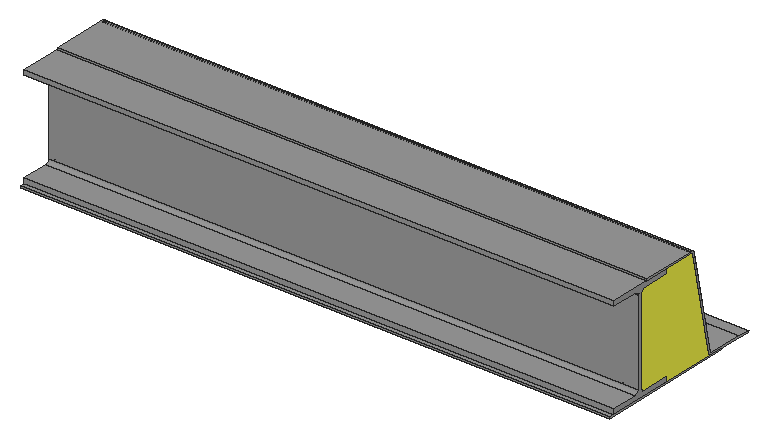
Revit family "XK 50 215 WIL", category Generic Models, Revit 2014
Parameters (values of type "Max lintel length 6600mm")
  URL = "http://www.keystonelintels.co.uk"
  Structural Opening [instance] = 900 mm
  Structural Performance = "The Keystone lintel range has safe working loads as detailed in each applicable loading table in the Keystone Lintel Guide brochure. The structural performance figures within each table have been ascertained by testing in accordance with the requirements of standards BS EN 5977-2: 1983 and BS EN 845-2: 2003."
  RIBA Productor Selector = "available for Keystone Lintels Ltd from Keystone Lintels Ltd from ribaproductselector.com"
  Model = "X/K 50 215 WIL"
  Min Length = 600 mm
  Min Clear Span = 300 mm
  Max Length = 6600 mm
  Max Clear Span = 6600 mm
  Material - Stainless Steel = "Grade 304 2b 1.4307 to BS EN 10088-2. Other grades available on request: contact manufacturer."
  Material - Galvanised Steel = "To BS EN 10346: 2009. DX51D plus Z600 or grade Z275 to BS 5977-2: 1983 (BS EN 845-2: 2003)."
  Manufacturer = "Keystone"
  Manufactured Length [instance] = (roundup(Effective Length / 150 mm) * 150 mm)  # 1200 mm
  Lintel height [instance] = 2100 mm
  Keynote = "F30/755"
  Fire Performance = "Keystone lintels have been subjected to a fire test (WARRES No. 101263) in accordance with BS 476-20: 1987, at Exova Warrington Fire and achieved a one hour fire performance."
  End Bearing = 150 mm
  Effective Length [instance] = Clear Opening with MIN MAX set + End Bearing * 2  # 1200 mm
  Corrosion = "Keystone’s standard range of lintels are manufactured from high quality grade pre-galvanized carbon steel with a zinc coating of 600"
  Contact Tel = "+44 (0)28 8676 2184"
  Contact Email = "info@keystonelintels.co.uk"
  Clear Opening with MIN MAX set [instance] = if(Structural Opening < Min Clear Span, Min Clear Span, (if(Structural Opening > Max Clear Span, Max Clear Span, Structural Opening)))  # 900 mm
  CPD Information = "Available for Keystone Lintels Ltd from ribacpd.com"
Reference planes
  plane 1 "Center (Front/Back)": y = 0
  plane 2: z = 0
  plane 3 "Center (Left/Right)": x = 0
  plane 4: x = -600
  plane 5: x = 600
  plane 6: z = 2100
  plane 7: x = -450
  plane 8: x = 450
Forms (mm)
  Extrusion 1, solid, material "Steel"
    sketch origin (0, 749.536, -506.841) x (0, 1, 0) y (0, 0, 1)
      loop
        line (-540.591, 2605.979) -> (-540.536, 2609.179) -> (-565.521, 2610.041) -> (-635.572, 2610.041)
        arc (-635.572, 2610.041) -> (-636.713, 2610.449) -> (-637.337, 2611.487) r 1.8
        line (-637.337, 2611.487) -> (-679.212, 2812.668)
        arc (-679.212, 2812.668) -> (-681.016, 2815.665) -> (-684.31, 2816.841) r 5.2
        line (-684.31, 2816.841) -> (-798.81, 2816.841) -> (-798.81, 2813.641) -> (-684.31, 2813.641)
        arc (-684.31, 2813.641) -> (-683.04, 2813.186) -> (-682.348, 2812.028) r 2
        line (-682.348, 2812.028) -> (-640.472, 2610.843)
        arc (-640.472, 2610.843) -> (-638.735, 2607.969) -> (-635.572, 2606.841) r 5
        line (-635.572, 2606.841) -> (-565.576, 2606.841) -> (-540.591, 2605.979)
    from -600 to 600
  Extrusion 2, solid, material "Steel"
    sketch origin (0, 749.536, -506.841) x (0, 1, 0) y (0, 0, 1)
      loop
        line (-609.467, 2603.641) -> (-609.467, 2606.841) -> (-893.436, 2606.841) -> (-893.436, 2603.641) -> (-609.467, 2603.641)
    from -600 to 600
  Extrusion 3, solid, material "Steel"
    sketch origin (0, 749.536, -506.841) x (0, 1, 0) y (0, 0, 1)
      loop
        line (-883.436, 2606.841) -> (-749.536, 2606.841) -> (-749.536, 2616.441) -> (-805.686, 2616.441)
        arc (-805.686, 2616.441) -> (-811.06, 2618.667) -> (-813.286, 2624.041) r 7.6
        line (-813.286, 2624.041) -> (-813.286, 2796.441)
        arc (-813.286, 2796.441) -> (-811.06, 2801.815) -> (-805.686, 2804.041) r 7.6
        line (-805.686, 2804.041) -> (-749.536, 2804.041) -> (-749.536, 2813.641) -> (-883.436, 2813.641) -> (-883.436, 2804.041) -> (-827.286, 2804.041)
        arc (-827.286, 2804.041) -> (-821.912, 2801.815) -> (-819.686, 2796.441) r 7.6
        line (-819.686, 2796.441) -> (-819.686, 2624.041)
        arc (-819.686, 2624.041) -> (-821.912, 2618.667) -> (-827.286, 2616.441) r 7.6
        line (-827.286, 2616.441) -> (-883.436, 2616.441) -> (-883.436, 2606.841)
    from -600 to 600
  Extrusion 4, solid, material "Insulation"
    sketch origin (0, 749.536, -506.841) x (0, 1, 0) y (0, 0, 1)
      loop
        line (-749.536, 2606.841) -> (-635.572, 2606.841)
        arc (-635.572, 2606.841) -> (-638.735, 2607.969) -> (-640.472, 2610.843) r 5
        line (-640.472, 2610.843) -> (-682.348, 2812.028)
        arc (-682.348, 2812.028) -> (-683.04, 2813.186) -> (-684.31, 2813.641) r 2
        line (-684.31, 2813.641) -> (-749.536, 2813.641) -> (-749.536, 2804.041) -> (-805.686, 2804.041)
        arc (-805.686, 2804.041) -> (-811.06, 2801.815) -> (-813.286, 2796.441) r 7.6
        line (-813.286, 2796.441) -> (-813.286, 2624.041)
        arc (-813.286, 2624.041) -> (-811.06, 2618.667) -> (-805.686, 2616.441) r 7.6
        line (-805.686, 2616.441) -> (-749.536, 2616.441) -> (-749.536, 2606.841)
    from -600 to 600
  Extrusion 5, solid, not visible
    sketch origin (0, 882.015, 1219.598) x (0, 1, 0) y (0, 0, 1)
      loop
        line (-540.591, 1005.979) -> (-540.536, 1009.179) -> (-565.521, 1010.041) -> (-635.572, 1010.041)
        arc (-635.572, 1010.041) -> (-636.713, 1010.449) -> (-637.337, 1011.487) r 1.8
        line (-637.337, 1011.487) -> (-679.212, 1212.668)
        arc (-679.212, 1212.668) -> (-681.016, 1215.665) -> (-684.31, 1216.841) r 5.2
        line (-684.31, 1216.841) -> (-798.81, 1216.841) -> (-798.81, 1213.641) -> (-684.31, 1213.641)
        arc (-684.31, 1213.641) -> (-683.04, 1213.186) -> (-682.348, 1212.028) r 2
        line (-682.348, 1212.028) -> (-640.472, 1010.843)
        arc (-640.472, 1010.843) -> (-638.735, 1007.969) -> (-635.572, 1006.841) r 5
        line (-635.572, 1006.841) -> (-565.576, 1006.841) -> (-540.591, 1005.979)
    from 0 to 250
  Extrusion 6, solid, not visible
    sketch origin (0, 619.871, 1212.487) x (0, 1, 0) y (0, 0, 1)
      loop
        line (-883.436, 1006.841) -> (-749.536, 1006.841) -> (-749.536, 1016.441) -> (-805.686, 1016.441)
        arc (-805.686, 1016.441) -> (-811.06, 1018.667) -> (-813.286, 1024.041) r 7.6
        line (-813.286, 1024.041) -> (-813.286, 1196.441)
        arc (-813.286, 1196.441) -> (-811.06, 1201.815) -> (-805.686, 1204.041) r 7.6
        line (-805.686, 1204.041) -> (-749.536, 1204.041) -> (-749.536, 1213.641) -> (-883.436, 1213.641) -> (-883.436, 1204.041) -> (-827.286, 1204.041)
        arc (-827.286, 1204.041) -> (-821.912, 1201.815) -> (-819.686, 1196.441) r 7.6
        line (-819.686, 1196.441) -> (-819.686, 1024.041)
        arc (-819.686, 1024.041) -> (-821.912, 1018.667) -> (-827.286, 1016.441) r 7.6
        line (-827.286, 1016.441) -> (-883.436, 1016.441) -> (-883.436, 1006.841)
    from 0 to 250
  Extrusion 7, solid, not visible
    sketch origin (0, 1027.924, 983.618) x (0, 1, 0) y (0, 0, 1)
      loop
        line (-609.467, 1003.641) -> (-609.467, 1006.841) -> (-893.436, 1006.841) -> (-893.436, 1003.641) -> (-609.467, 1003.641)
    from 0 to 250
  Extrusion 8, solid, not visible
    sketch origin (0, 554.538, 836.455) x (0, 1, 0) y (0, 0, 1)
      loop
        line (-749.536, 1006.841) -> (-635.572, 1006.841)
        arc (-635.572, 1006.841) -> (-638.735, 1007.969) -> (-640.472, 1010.843) r 5
        line (-640.472, 1010.843) -> (-682.348, 1212.028)
        arc (-682.348, 1212.028) -> (-683.04, 1213.186) -> (-684.31, 1213.641) r 2
        line (-684.31, 1213.641) -> (-749.536, 1213.641) -> (-749.536, 1204.041) -> (-805.686, 1204.041)
        arc (-805.686, 1204.041) -> (-811.06, 1201.815) -> (-813.286, 1196.441) r 7.6
        line (-813.286, 1196.441) -> (-813.286, 1024.041)
        arc (-813.286, 1024.041) -> (-811.06, 1018.667) -> (-805.686, 1016.441) r 7.6
        line (-805.686, 1016.441) -> (-749.536, 1016.441) -> (-749.536, 1006.841)
    from 0 to 250
Dimensions and locks
  equal spacing: plane 4, plane 3 "Center (Left/Right)", plane 5
  "Manufactured Length": plane 4 to plane 5
  "Lintel height": plane 6 to level
  "Structural Opening": plane 7 to plane 8
  equal spacing: plane 7, plane 3 "Center (Left/Right)", plane 8
  aligned and locked: level to plane 2
  aligned and locked: Extrusion 3 to plane 6
  aligned and locked: Extrusion 4 to plane 6
  aligned and locked: Extrusion 1 to plane 6
  aligned and locked: plane 6 to Extrusion 2
  aligned and locked: plane 5 to Extrusion 3
  aligned and locked: Extrusion 3 to plane 4
  aligned and locked: plane 5 to Extrusion 1
  aligned and locked: Extrusion 1 to plane 4
  aligned and locked: plane 5 to Extrusion 4
  aligned and locked: Extrusion 4 to plane 4
  aligned and locked: plane 5 to Extrusion 2
  aligned and locked: Extrusion 2 to plane 4
Automatic sketch dimensions
  Extrusion 1 sketch curve to Extrusion 1 sketch curve = 69.996 mm
  Extrusion 1 sketch curve to Extrusion 1 sketch curve = 24.985 mm
  Extrusion 1 sketch curve to Extrusion 1 sketch curve = 0.862 mm
  Extrusion 1 sketch curve to Extrusion 1 sketch curve = 0.055 mm  (x2)
  Extrusion 1 sketch curve to Extrusion 1 sketch curve = 3.2 mm  (x2)
  Extrusion 1 sketch curve to Extrusion 1 sketch curve = 0 mm  (x8)
  Extrusion 1 sketch curve to Extrusion 1 sketch curve = 1.8 mm
  Extrusion 1 sketch curve to Extrusion 1 sketch curve = 4.899 mm
  Extrusion 1 sketch curve to Extrusion 1 sketch curve = 1.765 mm
  Extrusion 1 sketch curve to Extrusion 1 sketch curve = 41.875 mm
  Extrusion 1 sketch curve to Extrusion 1 sketch curve = 201.181 mm
  Extrusion 1 sketch curve to Extrusion 1 sketch curve = 3.135 mm
  Extrusion 1 sketch curve to Extrusion 1 sketch curve = 0.64 mm
  Extrusion 1 sketch curve to Extrusion 1 sketch curve = 1.962 mm
  Extrusion 1 sketch curve to Extrusion 1 sketch curve = 0.387 mm
  Extrusion 1 sketch curve to Extrusion 1 sketch curve = 114.5 mm
  Extrusion 2 sketch curve to Extrusion 2 sketch curve = 283.969 mm
  Extrusion 2 sketch curve to Extrusion 2 sketch curve = 3.2 mm
  Extrusion 3 sketch curve to Extrusion 3 sketch curve = 133.9 mm
  Extrusion 3 sketch curve to Extrusion 3 sketch curve = 9.6 mm  (x3)
  Extrusion 3 sketch curve to Extrusion 3 sketch curve = 56.15 mm  (x3)
  Extrusion 3 sketch curve to Extrusion 3 sketch curve = 7.6 mm  (x4)
  Extrusion 3 sketch curve to Extrusion 3 sketch curve = 14 mm
  Extrusion 3 sketch curve to Extrusion 3 sketch curve = 172.4 mm
  Extrusion 3 sketch curve to Extrusion 3 sketch curve = 0 mm
  Extrusion 4 sketch curve to Extrusion 4 sketch curve = 113.963 mm
  Extrusion 4 sketch curve to Extrusion 4 sketch curve = 9.6 mm  (x2)
  Extrusion 4 sketch curve to Extrusion 4 sketch curve = 56.15 mm
  Extrusion 4 sketch curve to Extrusion 4 sketch curve = 7.6 mm  (x2)
  Extrusion 4 sketch curve to Extrusion 4 sketch curve = 172.4 mm
  Extrusion 4 sketch curve to Extrusion 4 sketch curve = 0 mm
  Extrusion 4 sketch curve to Extrusion 4 sketch curve = 5 mm
  Extrusion 4 sketch curve to Extrusion 4 sketch curve = 4.899 mm
  Extrusion 4 sketch curve to Extrusion 4 sketch curve = 130.938 mm
  Extrusion 4 sketch curve to Extrusion 4 sketch curve = 1.962 mm
  Extrusion 4 sketch curve to Extrusion 4 sketch curve = 0.387 mm
  Extrusion 4 sketch curve to Extrusion 4 sketch curve = 63.75 mm
  Extrusion 4 sketch curve to Extrusion 4 sketch curve = 4.002 mm
  Extrusion 5 sketch curve to Extrusion 5 sketch curve = 69.996 mm
  Extrusion 5 sketch curve to Extrusion 5 sketch curve = 24.985 mm
  Extrusion 5 sketch curve to Extrusion 5 sketch curve = 0.862 mm
  Extrusion 5 sketch curve to Extrusion 5 sketch curve = 0.055 mm  (x2)
  Extrusion 5 sketch curve to Extrusion 5 sketch curve = 3.2 mm  (x2)
  Extrusion 5 sketch curve to Extrusion 5 sketch curve = 0 mm  (x8)
  Extrusion 5 sketch curve to Extrusion 5 sketch curve = 1.8 mm
  Extrusion 5 sketch curve to Extrusion 5 sketch curve = 4.899 mm
  Extrusion 5 sketch curve to Extrusion 5 sketch curve = 1.765 mm
  Extrusion 5 sketch curve to Extrusion 5 sketch curve = 41.875 mm
  Extrusion 5 sketch curve to Extrusion 5 sketch curve = 201.181 mm
  Extrusion 5 sketch curve to Extrusion 5 sketch curve = 3.135 mm
  Extrusion 5 sketch curve to Extrusion 5 sketch curve = 0.64 mm
  Extrusion 5 sketch curve to Extrusion 5 sketch curve = 1.962 mm
  Extrusion 5 sketch curve to Extrusion 5 sketch curve = 0.387 mm
  Extrusion 5 sketch curve to Extrusion 5 sketch curve = 114.5 mm
  Extrusion 6 sketch curve to Extrusion 6 sketch curve = 133.9 mm
  Extrusion 6 sketch curve to Extrusion 6 sketch curve = 9.6 mm  (x3)
  Extrusion 6 sketch curve to Extrusion 6 sketch curve = 56.15 mm  (x3)
  Extrusion 6 sketch curve to Extrusion 6 sketch curve = 7.6 mm  (x4)
  Extrusion 6 sketch curve to Extrusion 6 sketch curve = 14 mm
  Extrusion 6 sketch curve to Extrusion 6 sketch curve = 172.4 mm
  Extrusion 6 sketch curve to Extrusion 6 sketch curve = 0 mm
  Extrusion 7 sketch curve to Extrusion 7 sketch curve = 283.969 mm
  Extrusion 7 sketch curve to Extrusion 7 sketch curve = 3.2 mm
  Extrusion 8 sketch curve to Extrusion 8 sketch curve = 113.963 mm
  Extrusion 8 sketch curve to Extrusion 8 sketch curve = 9.6 mm  (x2)
  Extrusion 8 sketch curve to Extrusion 8 sketch curve = 56.15 mm
  Extrusion 8 sketch curve to Extrusion 8 sketch curve = 7.6 mm  (x2)
  Extrusion 8 sketch curve to Extrusion 8 sketch curve = 172.4 mm
  Extrusion 8 sketch curve to Extrusion 8 sketch curve = 0 mm
  Extrusion 8 sketch curve to Extrusion 8 sketch curve = 5 mm
  Extrusion 8 sketch curve to Extrusion 8 sketch curve = 4.899 mm
  Extrusion 8 sketch curve to Extrusion 8 sketch curve = 130.938 mm
  Extrusion 8 sketch curve to Extrusion 8 sketch curve = 1.962 mm
  Extrusion 8 sketch curve to Extrusion 8 sketch curve = 0.387 mm
  Extrusion 8 sketch curve to Extrusion 8 sketch curve = 63.75 mm
  Extrusion 8 sketch curve to Extrusion 8 sketch curve = 4.002 mm
  Extrusion 4 sketch curve to plane 1 "Center (Front/Back)" = 0 mm
  Extrusion 4 sketch curve to plane 6 = 0 mm
  Extrusion 3 sketch curve to plane 6 = 0 mm
  Extrusion 3 sketch curve to plane 1 "Center (Front/Back)" = 0 mm
  Extrusion 2 sketch curve to plane 6 = 0 mm
  plane 1 "Center (Front/Back)" to Extrusion 2 sketch curve = 143.9 mm
  Extrusion 1 sketch curve to plane 6 = 0 mm
  plane 1 "Center (Front/Back)" to Extrusion 1 sketch curve = 49.274 mm
